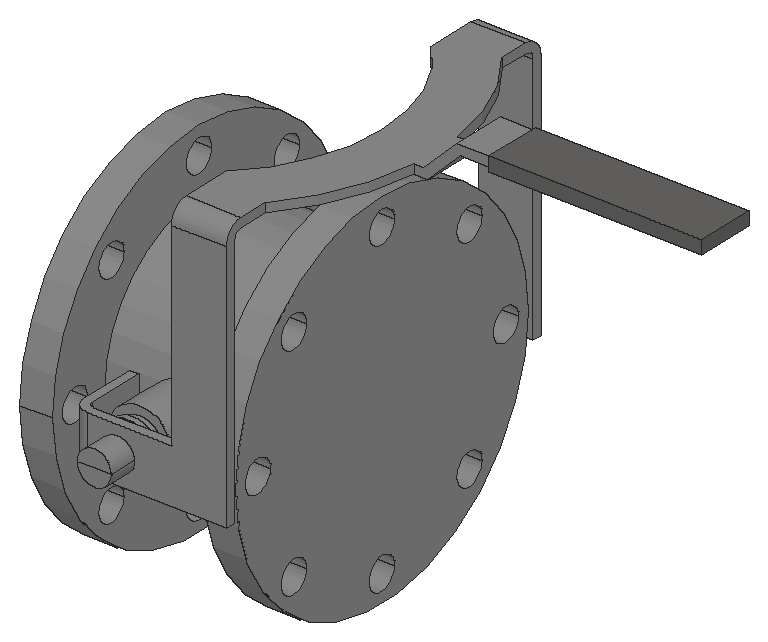
Revit family "done-2015_Valvula_Valvulas-Arco_Tajo-Pro-Bridas", category Pipe Accessories, Revit 2015
Parameters (values of type "3")
  Zona = ""
  VidaUtilEsperada = ""
  Version = "RVT2015"  # constant formula
  UnidadMedicion = ""
  Unidad = ""
  Uniclass2015Titulo = "Check valves"  # constant formula
  Uniclass2015Codigo = "65-54-95-13"  # constant formula
  URLProducto = ""
  URLPerfilProductoBimetica = "https://bimetica.com/es/valvula-tajo-pro-bridas-3290.html"
  URL de Declaracion de Prestaciones = ""
  UNSPSCTitulo = "Ball valves"  # constant formula
  UNSPSCCodigo = "40141607"  # constant formula
  Type Comments = "Agua potable y agua caliente sanitaria"  # constant formula
  Titular = "Vávulas Arco S.L "  # constant formula
  TipoEmbalajeProteccion = ""
  TiempoUtilDeVida = ""
  TiempoMedioEntreFallos = ""
  TemprerturaMinima = -20 °C
  TemperaturaMaxima = 140 °C  # constant formula
  TelefonoContacto = "0034 963 17 10 70"  # constant formula
  Tamano = A  # 4.80315"
  Sistema = "Agua potable y agua caliente sanitaria"  # constant formula
  Serie = ""
  ResponsablePrescripcion = ""
  ResponsableCompra = ""
  ResiduosPeligrososPorUnidad = 0
  ResiduosNoPeligrososPorUnidad = 0
  ResiduoRadioactivoPorUnidad = 0
  ResiduoInertePorUnidad = 0
  ReferenciaLote = ""
  ReferenciaContactoSoporteTecnico = ""
  ReferenciaContactoComercialVenta = ""
  Referencia = "3"
  Radio Nominal = Radio D - (Radio Agujero + 6.000 mm)  # 85.000 mm
  Radio D = D / 2  # 100.000 mm
  Radio Agujero = Diam. Agujeros / 2  # 9.000 mm
  Radio A = A * 0.4  # 48.800 mm
  R = Tamano / 2  # 2.40157"
  PuntoDeContacto = ""
  PresionNominal = 16.00 bar  # constant formula
  PresionDeTrabajo = 0.00 bar
  PresionDePrueba = 0.00 bar
  PeriodoGarantia = ""
  PatronValvula = "STRAIGHT_2_PORT"  # constant formula
  PartidaURL = ""
  PaisVenta = ""
  OperacionValvula = "PALANCA"  # constant formula
  OmniclassTitulo = "Ball Valves"  # constant formula
  OmniclassCodigo = "23-27 31 15"  # constant formula
  NumeroSerie = ""
  NumeroArticuloGlobalComercial = ""
  NumeroArticulo = ""
  Numero de Licencia = "XXX-XXXX9536"  # constant formula
  Numero de Declaracion de Prestaciones = ""
  No. Agujeros = 8  # constant formula
  Model = "TAJO PRO BRIDAS"  # constant formula
  MecanismoValvula = "BALL"  # constant formula
  MaterialEnvoltura = ""
  MaterialContenedor = ""
  MaterialCarcasa = Latón Europeo CW617N
  MasterformatTitulo = "Hydraulic Valves"  # constant formula
  MasterformatCodigo = "35 20 19"  # constant formula
  Marcado CE = yes
  Manufacturer = "Vávulas Arco S.L"  # constant formula
  Mantenimiento = ""
  LugarEnsamblaje = ""
  Longitud = 118.000 mm
  InstruccionesEspeciales = ""
  InformacionTecnica = ""
  IfcExportType = "Ball Valve"  # constant formula
  IfcExportAs = "IfcValve"  # constant formula
  IdentificadorGarantia = ""
  Historial = "(RVT2015-V01) Creación del elemento"  # constant formula
  GarantiaExtendida = yes
  FormacionFotoquimicaOzonoPorUnidad = 0
  FechaVencimientoElementoBIM = "11/02/2021"  # constant formula
  FechaSuministro = ""
  FechaInicioGarantia = ""
  FechaFinGarantia = ""
  FechaEvaluacion = 0
  FechaEmisionElementoBIM = "11/02/2020"  # constant formula
  FechaCompra = ""
  FechaColocacion = ""
  FaseCicloVida = ""
  FaltaDeRecursosPorUnidad = 0
  F = 18.000 mm
  Exclusiones = ""
  EutrofizacionPorUnidad = 0
  EtiquetaModelo = ""
  Espacio = ""
  EnergiaRenovableConsumidaPorUnidad = 0
  EnergiaPrimariaTotalConsumidaPorUnidad = 0
  EnergiaNoRenovableConsumidaPorUnidad = 0
  Energia consumida = 0
  EmailContacto = "info@valvulasarco.es"  # constant formula
  Diam. Agujeros = 18.000 mm  # constant formula
  DestruccionCapaOzonoEstratosfericaPorUnidad = 0
  Description = "Válvula esfera doble eje TAJO PRO doble mando conexión embridada"  # constant formula
  DescripcionGubimclass = "Válvulas e instrumentos de medida y control de flujo de fontanería"  # constant formula
  DescripcionEvaluacion = ""
  D di = 246.000 mm
  D = 200.000 mm
  CurvaSonido = 0
  Creditos LEED = ""
  Creditos BREEAM = ""
  CosteMantenimiento = 0
  Cost = 0
  ContenidoGarantia = ""
  Contacto = ""
  CondicionesEvaluacion = ""
  CondicionesDeVenta = ""
  CoeficienteDeCaudal = 418
  CodigoGubimclass = "50.10.20.10"  # constant formula
  CodigoBarras = ""
  Codigo = Referencia  # "3"
  ClasificacionDeCierre = 0.00 bar
  Clase Brida = "PN16"  # constant formula
  CambioClimaticoPorUnidad = 0
  COBieCategoria = "IfcValve"  # constant formula
  K Coefficient = 0.35
  C = 152.000 mm
  BasePrecioProducto03 = ""
  BasePrecioProducto02 = ""
  BasePrecioProducto01 = ""
  BIM Support = ""
  B di = 247.000 mm
  Autor = "Bimetica PDS"  # constant formula
  AnoProduccion = ""
  AguaConsumidaPorUnidad = 0
  AcidificacionAtmosfericaPorUnidad = 0
  Acabado = "Cromado"  # constant formula
  A = 122.000 mm
Types (3, lengths in mm): name | Tamano | Radio Nominal | Radio D | Radio A | R | Longitud | F | D di | D | C | B di | A
  (no name) | 4.80315" | 85.000 | 100.000 | 48.800 | 2.40157" | 118.000 | 18.000 | 246.000 | 200.000 | 152.000 | 247.000 | 122.000
  3 | 4.80315" | 85.000 | 100.000 | 48.800 | 2.40157" | 118.000 | 18.000 | 246.000 | 200.000 | 152.000 | 247.000 | 122.000
  4 | 5.55118" | 95.000 | 110.000 | 56.400 | 2.77559" | 137.000 | 20.000 | 266.000 | 220.000 | 170.000 | 262.000 | 141.000
Reference planes
  plane 1 "Center (Front/Back)": y = 0
  plane 2: z = 0
  plane 3 "Center (Left/Right)": x = 0
  plane 4: x = -59
  plane 5: x = 59
  plane 6: x = 247
  plane 7: y = 61
  plane 8: y = -61
  plane 9: x = 41
  plane 10: x = -41
  plane 11: z = 122
  plane 12: z = 152
  plane 13: z = 137
  plane 14: z = 144.5
  plane 15: z = 129.5
  plane 16: y = 246
  plane 17: x = 10
  plane 18: y = 100
  plane 19 "1": y = 123
  plane 20: y = -100
  plane 21 "2": y = -123
Forms (mm)
  Extrusion 1, solid, material "Latón Europeo CW617N" <- "MaterialCarcasa", detail levels fine
    sketch origin (0, 0, 0) x (0, 1, 0) y (0, 0, 1)
      loop
        circle (0, 0) r 100
    from 41 to 59
  Extrusion 2, solid, material "Latón Europeo CW617N" <- "MaterialCarcasa", detail levels fine
    sketch origin (0, 0, 0) x (0, 1, 0) y (0, 0, -1)
      loop
        circle (0, 0) r 100
    from 41 to 59
  Revolve 3, solid, material "Latón Europeo CW617N" <- "MaterialCarcasa", detail levels fine
    sketch origin (0, 0, 0) x (1, 0, 0) y (0, 1, 0)
      loop
        line (0, -123) -> (9.29, -123) -> (9.29, -100) -> (13.75, -100) -> (13.75, -96.7) -> (12, -96.7) -> (12, -91.7) -> (17, -91.7) -> (17, 91.7) -> (12, 91.7) -> (12, 96.7) -> (13.75, 96.7) -> (13.75, 100) -> (9.29, 100) -> (9.29, 123) -> (0, 123) -> (0, -123)
      axis (0, 123) -> (0, -123)
    angle from 0 to 360
  Revolve 4, solid, material "Latón Europeo CW617N" <- "MaterialCarcasa", detail levels fine
    sketch origin (0, 0, 0) x (1, 0, 0) y (0, 1, 0)
      loop
        line (-41, -65) -> (41, -65) -> (41, 0) -> (-41, 0) -> (-41, -65)
      axis (41, 0) -> (-41, 0)
    angle from 0 to 360
  Extrusion 5, solid, material "Latón Europeo CW617N" <- "MaterialCarcasa", detail levels fine
    sketch origin (0, 0, 0) x (1, 0, 0) y (0, 1, 0)
      loop
        line (60, -107.5) -> (60, -102.5) -> (-17, -102.5)
        arc (-17, -102.5) -> (-19.121, -101.621) -> (-20, -99.5) r 3
        line (-20, -99.5) -> (-20, -67.5) -> (-25, -67.5) -> (-25, -98.5)
        arc (-25, -98.5) -> (-22.364, -104.864) -> (-16, -107.5) r 9
        line (-16, -107.5) -> (60, -107.5)
      loop
        line (60, 107.5) -> (-16, 107.5)
        arc (-16, 107.5) -> (-22.364, 104.864) -> (-25, 98.5) r 9
        line (-25, 98.5) -> (-25, 67.5) -> (-20, 67.5) -> (-20, 99.5)
        arc (-20, 99.5) -> (-19.121, 101.621) -> (-17, 102.5) r 3
        line (-17, 102.5) -> (60, 102.5) -> (60, 107.5)
    from -15.125 to 14.875
  Extrusion 6, solid, material "Latón Europeo CW617N" <- "MaterialCarcasa", detail levels fine
    sketch origin (0, 0, 0) x (0, 1, 0) y (0, 0, 1)
      loop
        line (81.24, 132.875) -> (81.24, 127.875) -> (97.5, 127.875)
        arc (97.5, 127.875) -> (101.036, 126.411) -> (102.5, 122.875) r 5
        line (102.5, 122.875) -> (102.5, 14.875) -> (107.5, 14.875) -> (107.5, 122.875)
        arc (107.5, 122.875) -> (104.571, 129.946) -> (97.5, 132.875) r 10
        line (97.5, 132.875) -> (81.24, 132.875)
      loop
        line (-81.24, 132.875) -> (-97.5, 132.875)
        arc (-97.5, 132.875) -> (-104.571, 129.946) -> (-107.5, 122.875) r 10
        line (-107.5, 122.875) -> (-107.5, 14.875) -> (-102.5, 14.875) -> (-102.5, 122.875)
        arc (-102.5, 122.875) -> (-101.036, 126.411) -> (-97.5, 127.875) r 5
        line (-97.5, 127.875) -> (-81.24, 127.875) -> (-81.24, 132.875)
    from 30 to 60
  Extrusion 7, solid, material "Latón Europeo CW617N" <- "MaterialCarcasa", detail levels fine
    sketch origin (-23.956, -4572, 129.5) x (-1, 0, 0) y (0, -1, 0)
      loop
        arc (-83.956, -4490.76) -> (-113.212, -4572) -> (-83.956, -4653.24) r 127.425
        line (-83.956, -4653.24) -> (-53.956, -4653.24) -> (-53.956, -4641.603)
        arc (-53.956, -4641.603) -> (-83.212, -4572) -> (-53.956, -4502.397) r 97.425
        line (-53.956, -4502.397) -> (-53.956, -4490.76) -> (-83.956, -4490.76)
    from -1.625 to 3.375
  Extrusion 8, solid, material "Latón Europeo CW617N" <- "MaterialCarcasa", detail levels fine
    sketch origin (0, 0, 0) x (1, 0, 0) y (0, 0, 1)
      loop
        line (80.6, 132.875) -> (80.6, 127.875) -> (96.021, 127.875) -> (114.146, 146) -> (130.6, 146) -> (130.6, 151) -> (112.075, 151) -> (93.95, 132.875) -> (80.6, 132.875)
    from -15.137 to 14.863
  Extrusion 9, solid, material "Acero Inoxidable Negro", detail levels fine
    sketch origin (130.6, 0, 146) x (0, 0, 1) y (0, -1, 0)
      loop
        line (6, 15.863) -> (-1.5, 15.863) -> (-1.5, -16.137) -> (6, -16.137) -> (6, 15.863)
    from 0 to 116.4
  Extrusion 10, void
    sketch origin (0, 0, 0) x (0, 1, 0) y (0, 0, 1)
      loop
        circle (0, -85) r 9
      loop
        circle (-60.104, -60.104) r 9
      loop
        circle (0, 85) r 9
      loop
        circle (85, 0) r 9
      loop
        circle (-85, 0) r 9
      loop
        circle (-60.104, 60.104) r 9
      loop
        circle (60.104, -60.104) r 9
      loop
        circle (60.104, 60.104) r 9
    from -59 to 59
Cuts and joins
  Extrusion 10 cuts Extrusion 1
  Extrusion 10 cuts Extrusion 2
  joined: Extrusion 1, Extrusion 2
  joined: Extrusion 5, Extrusion 6, Extrusion 7, Extrusion 8
Lines and regions (mm)
  model lines, detail levels coarse+medium
    curve 1: circle (0, 0, 0) r 48.8 normal (0, 0, 1)
    curve 2: line (0, 48.8, 0) -> (0, 246, 0)
    curve 3: line (0, 246, 0) -> (247, 246, 0)
    curve 4: line (-59, 61, 0) -> (-59, -61, 0)
    curve 5: line (59, 61, 0) -> (59, -61, 0)
  reference lines
    curve 6: line (0, 0, 0) -> (0, -155.563, -155.563)
    curve 7: line (0, 0, 0) -> (0, 155.563, -155.563)
Dimensions and locks
  equal spacing: plane 4, plane 3 "Center (Left/Right)", plane 5
  "Longitud": plane 4 to plane 5
  "B di": plane 3 "Center (Left/Right)" to plane 6
  "A": plane 7 to plane 8
  equal spacing: plane 7, plane 1 "Center (Front/Back)", plane 8
  "F": plane 9 to plane 5
  "F": plane 4 to plane 10
  plane 11 to plane 2 = 122.000 mm
  "C": plane 12 to plane 2
  equal spacing: plane 12, plane 14, plane 13, plane 15, plane 11
  "D di": plane 16 to plane 1 "Center (Front/Back)"
  plane 3 "Center (Left/Right)" to plane 17 = 10.000 mm
  "A": plane 11 to plane 2
  equal spacing: plane 20, plane 1 "Center (Front/Back)", plane 18
  "D": plane 18 to plane 20
  equal spacing: plane 19 "1", plane 1 "Center (Front/Back)", plane 21 "2"
  "D di": plane 19 "1" to plane 21 "2"
  plane 20 to Revolve 3 sketch curve to Revolve 3 sketch curve = 3.300 mm locked, 5.000 mm locked
  plane 18 to Revolve 3 sketch curve to Revolve 3 sketch curve = 3.300 mm locked, 5.000 mm locked
  Revolve 3 sketch curve to Revolve 3 sketch curve to Revolve 3 sketch curve to Revolve 3 sketch curve to Revolve 3 sketch curve = 9.290 mm locked, 2.710 mm locked, 1.750 mm locked, 3.250 mm locked
  Extrusion 5 sketch curve to Extrusion 5 sketch curve to plane 20 to Extrusion 5 sketch curve = 5.000 mm locked, 2.500 mm locked, 32.500 mm locked
  Extrusion 5 sketch curve to Extrusion 5 sketch curve to plane 18 to Extrusion 5 sketch curve = 5.000 mm locked, 2.500 mm locked, 32.500 mm locked
  Extrusion 5 sketch curve to Extrusion 5 sketch curve to plane 3 "Center (Left/Right)" = 5.000 mm locked, 20.000 mm locked  (x2)
  Extrusion 6 sketch curve to Extrusion 6 sketch curve to plane 18 to Extrusion 6 sketch curve = 5.000 mm locked, 2.500 mm locked, 18.760 mm locked
  Extrusion 6 sketch curve to plane 20 to Extrusion 6 sketch curve to Extrusion 6 sketch curve = 18.760 mm locked, 2.500 mm locked, 5.000 mm locked
  Extrusion 6 sketch curve to plane 15 to Extrusion 6 sketch curve = 3.375 mm locked, 1.625 mm locked  (x2)
  Extrusion 6 to plane 5 to Extrusion 6 = 29.000 mm locked, 1.000 mm locked
  Extrusion 7 sketch curve to Extrusion 7 sketch curve to plane 5 = 0.000 mm locked, 97.169 mm locked
  plane 5 to Extrusion 8 sketch curve to Extrusion 8 sketch curve to Extrusion 8 sketch curve to Extrusion 8 sketch curve to Extrusion 8 sketch curve to Extrusion 8 sketch curve = 21.600 mm locked, 13.351 mm locked, 2.071 mm locked, 16.054 mm locked, 2.071 mm locked, 16.453 mm locked
  Extrusion 8 sketch curve to plane 15 to Extrusion 8 sketch curve = 3.375 mm locked, 1.625 mm locked
  plane 12 to Extrusion 8 sketch curve to Extrusion 8 sketch curve = 1.000 mm locked, 5.000 mm locked
  locked: Extrusion 9 sketch curve to Extrusion 8 at 1
  locked: Extrusion 8 to Extrusion 9 sketch curve at 1
  locked: Revolve 4 sketch curve to plane 8 at 4
  "Radio Nominal": Extrusion 10 sketch curve to plane 2
  "Radio Nominal": plane 2 to Extrusion 10 sketch curve
  "Radio Nominal": Extrusion 10 sketch curve to plane 1 "Center (Front/Back)"
  "Radio Nominal": plane 1 "Center (Front/Back)" to Extrusion 10 sketch curve
  "Radio Nominal": Extrusion 10 sketch curve to curve 6
  "Radio Nominal": curve 6 to Extrusion 10 sketch curve
  "Radio Nominal": Extrusion 10 sketch curve to curve 7
  "Radio Nominal": curve 7 to Extrusion 10 sketch curve
  locked: plane 5 to Extrusion 5 sketch curve at 1  (x2)
  "Radio A": radius of curve 1
  "Radio D": radius of Extrusion 1 sketch curve
  "Radio D": radius of Extrusion 2 sketch curve
  "Radio Agujero": radius of Extrusion 10 sketch curve  (x8)
  locked: plane 1 "Center (Front/Back)" to curve 6 (angle 45.00°)
  locked: curve 7 to plane 1 "Center (Front/Back)" (angle 45.00°)
  aligned and locked: Extrusion 1 to plane 5
  aligned and locked: Extrusion 2 to plane 4
  aligned and locked: plane 3 "Center (Left/Right)" to curve 1
  aligned and locked: plane 1 "Center (Front/Back)" to curve 1
  aligned and locked: curve 3 to plane 16
  aligned and locked: plane 6 to curve 3
  aligned and locked: plane 7 to curve 4
  aligned and locked: plane 8 to curve 4
  aligned and locked: plane 7 to curve 5
  aligned and locked: plane 8 to curve 5
  aligned and locked: cut or joined group of Extrusion 1, Extrusion 2, Extrusion 10 to plane 5
  aligned and locked: Revolve 4 sketch curve to plane 1 "Center (Front/Back)"
  aligned and locked: Revolve 4 sketch curve to Revolve 4 sketch curve
  aligned and locked: plane 10 to Revolve 4 sketch curve
  aligned and locked: Revolve 4 sketch curve to plane 9
  aligned and locked: plane 1 "Center (Front/Back)" to Extrusion 1 sketch curve
  aligned and locked: plane 2 to Extrusion 1 sketch curve
  aligned and locked: cut or joined group of Extrusion 1, Extrusion 2, Extrusion 10 to plane 9
  aligned and locked: plane 1 "Center (Front/Back)" to Extrusion 2 sketch curve
  aligned and locked: plane 2 to Extrusion 2 sketch curve
  aligned and locked: plane 10 to cut or joined group of Extrusion 1, Extrusion 2, Extrusion 10
  aligned and locked: Revolve 3 sketch curve to plane 3 "Center (Left/Right)"
  aligned and locked: Revolve 3 sketch curve to Revolve 3 sketch curve  (x4)
  aligned and locked: plane 19 "1" to Revolve 3 sketch curve
  aligned and locked: Revolve 3 sketch curve to plane 21 "2"
  aligned and locked: Revolve 3 sketch curve to plane 20
  aligned and locked: plane 18 to Revolve 3 sketch curve
  aligned and locked: Extrusion 5 to Extrusion 6 sketch curve
  aligned and locked: Extrusion 6 sketch curve to Extrusion 5
  aligned and locked: Extrusion 7 sketch curve to Extrusion 6  (x3)
  aligned and locked: plane 1 "Center (Front/Back)" to Extrusion 7 sketch curve  (x2)
  aligned and locked: Extrusion 6 to Extrusion 7 sketch curve
  aligned and locked: Extrusion 9 sketch curve to plane 12
  aligned and locked: plane 14 to Extrusion 9 sketch curve
  aligned and locked: plane 6 to Extrusion 9
  aligned and locked: plane 1 "Center (Front/Back)" to curve 6
  aligned and locked: plane 2 to curve 7
  aligned and locked: plane 1 "Center (Front/Back)" to Extrusion 10 sketch curve  (x2)
  aligned and locked: plane 2 to Extrusion 10 sketch curve  (x2)
  aligned and locked: curve 7 to Extrusion 10 sketch curve
  aligned and locked: Extrusion 10 sketch curve to curve 7
  aligned and locked: Extrusion 10 sketch curve to curve 6
  aligned and locked: curve 6 to Extrusion 10 sketch curve
  aligned and locked: Extrusion 10 to plane 4
  aligned and locked: Extrusion 10 to plane 5
Automatic sketch dimensions
  Revolve 3 sketch curve to Revolve 3 sketch curve = 1401.000 mm
  plane 16 to Revolve 3 sketch curve = 1278.000 mm
  Extrusion 6 sketch curve to Extrusion 6 sketch curve = 0.000 mm  (x2)
  Extrusion 6 sketch curve to plane 20 = 2.500 mm
  Extrusion 6 sketch curve to plane 18 = 2.500 mm
  Revolve 4 sketch curve to plane 4 = 1484.000 mm
  plane 6 to Revolve 4 sketch curve = 1412.000 mm
  Extrusion 7 sketch curve to plane 5 = 1.000 mm
  plane 7 to Extrusion 7 sketch curve = 8.603 mm
  Extrusion 5 sketch curve to plane 20 = 0.500 mm
  Extrusion 5 sketch curve to plane 18 = 0.500 mm
  Extrusion 5 sketch curve to Extrusion 5 sketch curve = 1.000 mm  (x2)
  curve 4 to plane 4 = 0.000 mm
  curve 3 to plane 3 "Center (Left/Right)" = 0.000 mm
  curve 5 to plane 5 = 0.000 mm
Connectors
  piping at (59, 0, 0), diameter 122, driven by "R", driven by "K Coefficient"
    settings: on Extrusion 1, index 1, connector inside diameter 2", connector length 0.000 mm, flow factor 0, pipe flow 0 GPM, pressure drop 0.00 bar, fitting loss kfactor 0.35, connector angle 0.00°, fixture units 0, engagement length 0.000 mm, angle of deflection 0.00°, flow configuration 0, flow direction 2, fitting loss method 2, system type 29, joint type 0, gender type 0, connector reference index 2, connector utility 0, adjustable connector no, is connector primary no, connector description ""
  piping at (-59, 0, 0), diameter 122, driven by "R"
    settings: on Extrusion 2, index 2, connector inside diameter 2", connector length 0.000 mm, flow factor 0, pipe flow 0 GPM, pressure drop 0.00 bar, fitting loss kfactor 0, connector angle 0.00°, fixture units 0, engagement length 0.000 mm, angle of deflection 0.00°, flow configuration 0, flow direction 1, fitting loss method 2, system type 29, joint type 0, gender type 0, connector reference index 1, connector utility 0, adjustable connector no, is connector primary yes, connector description ""
